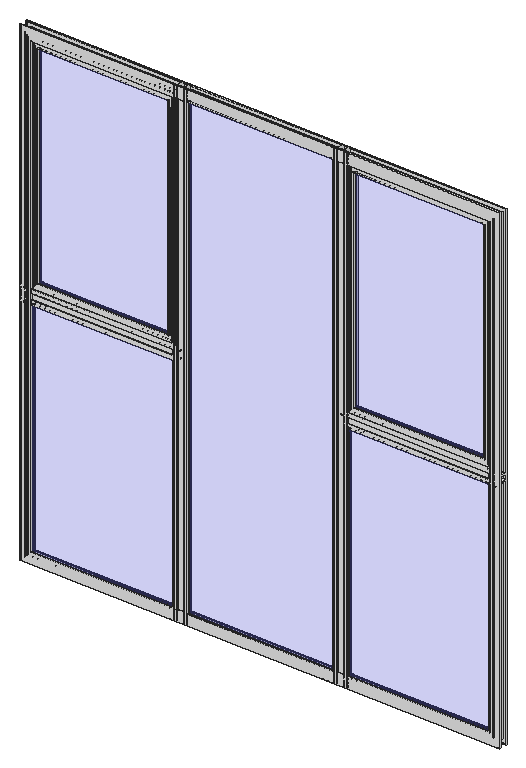
Revit family "WAL_A3-Classic-Side-Hung-1800x1800-PSS1818", category Windows, host Wall, Revit 2016
Family settings
  Host = Wall
  Always vertical = Yes
  Cut with Voids When Loaded = No
  Shared = No
  Room Calculation Point = No
Parameters (values of type "1800 x 1800 PSS1818 Classic Side Hung")
  URL = "www.agi.co.za"
  Trim Material = Metal - Aluminium
  Model = "Top Hung"
  Manufacturer Code = "PSS1818"
  Manufacturer = "AGI Aluminium"
  Height = 1800 mm
  Glass Material = Glass
  Frame Material = Metal - Aluminium
  Description = "Classic Side Hung"
  Default Sill Height = 800 mm
  Wall Closure = By host
  Width = 1800 mm
  Assembly Code = "B2020110"
Reference planes
  plane 1 "Center": y = 0
  plane 2 "Center (Left/Right)": x = 0
  plane 3 "Left": x = -900
  plane 4 "Right": x = 900
  plane 5 "Sill": z = 800
  plane 6 "Head": z = 2600
  plane 7 "Exterior": y = 75
  plane 8 "Interior": y = -75
  plane 9: z = 2602
  plane 10: x = 902
  plane 11: x = -902
  plane 12: z = 798
  plane 13: z = 2564
  plane 14: z = 813.9
  plane 15: x = 864
  plane 16: x = -864
  plane 17: z = 1700
  plane 18: z = 1722
  plane 19: z = 1684
  plane 20: x = 300
  plane 21: x = -300
  plane 22: x = 322
  plane 23: x = 284
  plane 24: x = -322
  plane 25: x = -284
  plane 26: x = -886.1
  plane 27: x = 886.1
  plane 28: z = 2586.1
Forms (mm)
  Sweep 1, solid, material "Metal - Aluminium", detail levels medium+fine
    path origin (0, 0, 0) x (1, 0, 0) y (0, 0, 1)
      loop
        line (900, 2600) -> (-900, 2600) -> (-900, 800) -> (900, 800) -> (900, 2600)
    profile "Frame : Frame" origin (0, 0, 2600) x (0, 0, -1) y (0, -1, 0)
      loop
        line (0, -30) -> (28, -30) -> (28, -29) -> (26, -29) -> (26, -1) -> (28, -1) -> (28, -7) -> (29, -7) -> (29, -1) -> (37, -1) -> (37, -3.645) -> (38, -3.645) -> (38, -1) -> (40, -1) -> (40, -3.645) -> (41, -3.645) -> (41, 0) -> (0, 0) -> (0, -2) -> (1, -2) -> (1, -1) -> (15.005, -1) -> (15.005, -4) -> (16.005, -4) -> (16.005, -1) -> (25, -1) -> (25, -29) -> (16.005, -29) -> (16.005, -26) -> (15.005, -26) -> (15.005, -29) -> (1, -29) -> (1, -28) -> (0, -28) -> (0, -30)
  Sweep 2, solid, material "Metal - Aluminium", detail levels medium+fine
    path origin (0, 0, 0) x (1, 0, 0) y (0, 0, 1)
      loop
        line (-300, 2600) -> (-300, 800)
    profile "30 x 50 Center Divide : 30 x 50 Center Divide" origin (-300, 0, 1700) x (1, 0, 0) y (0, -1, 0)
      loop
        line (-11, -5) -> (-11, -29) -> (11, -29) -> (11, -5) -> (-11, -5)
      loop
        line (-27.011, 0) -> (-27.011, -3.245) -> (-26.011, -3.245) -> (-26.011, -1) -> (-24.011, -1) -> (-24.011, -3.245) -> (-23.011, -3.245) -> (-23.011, -1) -> (-15.011, -1) -> (-15.011, -6.6) -> (-14.011, -6.6) -> (-14.011, -1) -> (-13.142, -1) -> (-12, -5.263) -> (-12, -29) -> (-14, -29) -> (-14, -30) -> (14, -30) -> (14, -29) -> (12, -29) -> (12, -5.263) -> (13.142, -1) -> (14, -1) -> (14, -7) -> (15, -7) -> (15, -1) -> (23, -1) -> (23, -3.645) -> (24, -3.645) -> (24, -1) -> (26, -1) -> (26, -3.645) -> (27, -3.645) -> (27, 0) -> (12.375, 0) -> (11.303, -4) -> (-11.303, -4) -> (-12.375, 0) -> (-27.011, 0)
  Sweep 3, solid, material "Metal - Aluminium", detail levels medium+fine
    path origin (0, 0, 0) x (-1, 0, 0) y (0, 0, 1)
      loop
        line (-300, 2600) -> (-300, 800)
    profile "30 x 50 Center Divide : 30 x 50 Center Divide" origin (300, 0, 1700) x (1, 0, 0) y (0, -1, 0)
      loop
        line (11, -5) -> (-11, -5) -> (-11, -29) -> (11, -29) -> (11, -5)
      loop
        line (27.011, 0) -> (12.375, 0) -> (11.303, -4) -> (-11.303, -4) -> (-12.375, 0) -> (-27, 0) -> (-27, -3.645) -> (-26, -3.645) -> (-26, -1) -> (-24, -1) -> (-24, -3.645) -> (-23, -3.645) -> (-23, -1) -> (-15, -1) -> (-15, -7) -> (-14, -7) -> (-14, -1) -> (-13.142, -1) -> (-12, -5.263) -> (-12, -29) -> (-14, -29) -> (-14, -30) -> (14, -30) -> (14, -29) -> (12, -29) -> (12, -5.263) -> (13.142, -1) -> (14.011, -1) -> (14.011, -6.6) -> (15.011, -6.6) -> (15.011, -1) -> (23.011, -1) -> (23.011, -3.245) -> (24.011, -3.245) -> (24.011, -1) -> (26.011, -1) -> (26.011, -3.245) -> (27.011, -3.245) -> (27.011, 0)
  Sweep 4, solid, material "Metal - Aluminium", detail levels medium+fine
    path origin (0, 0, 0) x (1, 0, 0) y (0, 0, 1)
      loop
        line (-300, 1700) -> (-900, 1700)
    profile "30 x 50 Center Divide : 30 x 50 Center Divide" origin (-600, 0, 1700) x (0, 0, -1) y (0, -1, 0)
      loop
        line (-11, -5) -> (-11, -29) -> (11, -29) -> (11, -5) -> (-11, -5)
      loop
        line (-27.011, 0) -> (-27.011, -3.245) -> (-26.011, -3.245) -> (-26.011, -1) -> (-24.011, -1) -> (-24.011, -3.245) -> (-23.011, -3.245) -> (-23.011, -1) -> (-15.011, -1) -> (-15.011, -6.6) -> (-14.011, -6.6) -> (-14.011, -1) -> (-13.142, -1) -> (-12, -5.263) -> (-12, -29) -> (-14, -29) -> (-14, -30) -> (14, -30) -> (14, -29) -> (12, -29) -> (12, -5.263) -> (13.142, -1) -> (14, -1) -> (14, -7) -> (15, -7) -> (15, -1) -> (23, -1) -> (23, -3.645) -> (24, -3.645) -> (24, -1) -> (26, -1) -> (26, -3.645) -> (27, -3.645) -> (27, 0) -> (12.375, 0) -> (11.303, -4) -> (-11.303, -4) -> (-12.375, 0) -> (-27.011, 0)
  Sweep 5, solid, material "Metal - Aluminium", detail levels medium+fine
    path origin (0, 0, 0) x (-1, 0, 0) y (0, 0, 1)
      loop
        line (-300, 1700) -> (-900, 1700)
    profile "30 x 50 Center Divide : 30 x 50 Center Divide" origin (600, 0, 1700) x (0, 0, 1) y (0, -1, 0)
      loop
        line (11, -5) -> (-11, -5) -> (-11, -29) -> (11, -29) -> (11, -5)
      loop
        line (27.011, 0) -> (12.375, 0) -> (11.303, -4) -> (-11.303, -4) -> (-12.375, 0) -> (-27, 0) -> (-27, -3.645) -> (-26, -3.645) -> (-26, -1) -> (-24, -1) -> (-24, -3.645) -> (-23, -3.645) -> (-23, -1) -> (-15, -1) -> (-15, -7) -> (-14, -7) -> (-14, -1) -> (-13.142, -1) -> (-12, -5.263) -> (-12, -29) -> (-14, -29) -> (-14, -30) -> (14, -30) -> (14, -29) -> (12, -29) -> (12, -5.263) -> (13.142, -1) -> (14.011, -1) -> (14.011, -6.6) -> (15.011, -6.6) -> (15.011, -1) -> (23.011, -1) -> (23.011, -3.245) -> (24.011, -3.245) -> (24.011, -1) -> (26.011, -1) -> (26.011, -3.245) -> (27.011, -3.245) -> (27.011, 0)
  Extrusion 6, void
    sketch origin (0, 0, 0) x (1, 0, 0) y (0, 1, 0)
      loop
        line (-312.375, 0) -> (-287.625, 0) -> (-288.697, 4) -> (-311.303, 4) -> (-312.375, 0)
      loop
        line (288.697, 4) -> (287.625, 0) -> (312.375, 0) -> (311.303, 4) -> (288.697, 4)
    from 841 to 2559
  Sweep 7, solid, material "Metal - Aluminium", detail levels medium+fine
    path origin (0, 0, 0) x (1, 0, 0) y (0, 0, 1)
      loop
        line (902, 2602) -> (284, 2602) -> (284, 1684) -> (902, 1684) -> (902, 2602)
    profile "Casement : Casement" origin (593, 0, 2602) x (0, 0, -1) y (0, -1, 0)
      loop
        line (40, -4.645) -> (40, -32.645) -> (49, -32.645) -> (49, -4.645) -> (40, -4.645)
      loop
        line (65, -3.645) -> (37, -3.645) -> (37, -4.645) -> (39, -4.645) -> (39, -32.645) -> (37, -32.645) -> (37, -26.645) -> (36, -26.645) -> (36, -32.645) -> (28, -32.645) -> (28, -30) -> (27, -30) -> (27, -32.645) -> (25, -32.645) -> (25, -30) -> (24, -30) -> (24, -33.645) -> (50, -33.645) -> (50, -4.645) -> (52, -4.645) -> (52, -10.645) -> (53, -10.645) -> (53, -4.645) -> (61, -4.645) -> (61, -7.289) -> (62, -7.289) -> (62, -4.645) -> (64, -4.645) -> (64, -7.289) -> (65, -7.289) -> (65, -3.645)
  Sweep 8, solid, material "Metal - Aluminium", detail levels medium+fine
    path origin (0, 0, 0) x (-1, 0, 0) y (0, 0, 1)
      loop
        line (902, 2602) -> (284, 2602) -> (284, 1684) -> (902, 1684) -> (902, 2602)
    profile "Casement : Casement" origin (-593, 0, 2602) x (0, 0, 1) y (0, -1, 0)
      loop
        line (-40, -4.645) -> (-49, -4.645) -> (-49, -32.645) -> (-40, -32.645) -> (-40, -4.645)
      loop
        line (-65, -3.645) -> (-65, -7.289) -> (-64, -7.289) -> (-64, -4.645) -> (-62, -4.645) -> (-62, -7.289) -> (-61, -7.289) -> (-61, -4.645) -> (-53, -4.645) -> (-53, -10.645) -> (-52, -10.645) -> (-52, -4.645) -> (-50, -4.645) -> (-50, -33.645) -> (-24, -33.645) -> (-24, -30) -> (-25, -30) -> (-25, -32.645) -> (-27, -32.645) -> (-27, -30) -> (-28, -30) -> (-28, -32.645) -> (-36, -32.645) -> (-36, -26.645) -> (-37, -26.645) -> (-37, -32.645) -> (-39, -32.645) -> (-39, -4.645) -> (-37, -4.645) -> (-37, -3.645) -> (-65, -3.645)
  Sweep 9, solid, material "Metal - Aluminium" <- "Trim Material", detail levels medium+fine
    path origin (0, 0, 0) x (1, 0, 0) y (0, 0, 1)
      loop
        line (-300, 1700) -> (-886.1, 1700) -> (-886.1, 813.9) -> (-300, 813.9) -> (-300, 1700)
    profile "Trim : Trim" origin (-593.05, 0, 1700) x (0, 0, -1) y (0, -1, 0)
      loop
        line (24.555, -1.643) -> (24.555, -4.05)
        arc (24.555, -4.05) -> (23.436, -4.753) -> (23, -6) r 2
        line (23, -6) -> (27, -6)
        arc (27, -6) -> (26.552, -4.739) -> (25.41, -4.042) r 2
        line (25.41, -4.042) -> (25.41, -1.643) -> (24.555, -1.643)
      loop
        line (14, -29) -> (29, -14) -> (29, -12.474) -> (26.323, -12.474)
        arc (26.323, -12.474) -> (26.823, -11.797) -> (27, -10.974) r 2
        line (27, -10.974) -> (23, -10.974)
        arc (23, -10.974) -> (23.177, -11.797) -> (23.677, -12.474) r 2
        line (23.677, -12.474) -> (13.467, -12.474) -> (13.467, -4) -> (12.5, -4) -> (12.5, -13.474) -> (20.535, -13.474) -> (24.323, -17.263) -> (12.586, -29) -> (14, -29)
  Sweep 10, solid, material "Metal - Aluminium", detail levels medium+fine
    path origin (0, 0, 0) x (1, 0, 0) y (0, 0, 1)
      loop
        line (886.1, 1700) -> (300, 1700) -> (300, 813.9) -> (886.1, 813.9) -> (886.1, 1700)
    profile "Trim : Trim" origin (593.05, 0, 1700) x (0, 0, -1) y (0, -1, 0)
      loop
        line (24.555, -1.643) -> (24.555, -4.05)
        arc (24.555, -4.05) -> (23.436, -4.753) -> (23, -6) r 2
        line (23, -6) -> (27, -6)
        arc (27, -6) -> (26.552, -4.739) -> (25.41, -4.042) r 2
        line (25.41, -4.042) -> (25.41, -1.643) -> (24.555, -1.643)
      loop
        line (14, -29) -> (29, -14) -> (29, -12.474) -> (26.323, -12.474)
        arc (26.323, -12.474) -> (26.823, -11.797) -> (27, -10.974) r 2
        line (27, -10.974) -> (23, -10.974)
        arc (23, -10.974) -> (23.177, -11.797) -> (23.677, -12.474) r 2
        line (23.677, -12.474) -> (13.467, -12.474) -> (13.467, -4) -> (12.5, -4) -> (12.5, -13.474) -> (20.535, -13.474) -> (24.323, -17.263) -> (12.586, -29) -> (14, -29)
  Sweep 11, solid, material "Metal - Aluminium", detail levels medium+fine
    path origin (0, 0, 0) x (1, 0, 0) y (0, 0, 1)
      loop
        line (300, 2586.1) -> (-300, 2586.1) -> (-300, 813.9) -> (300, 813.9) -> (300, 2586.1)
    profile "Trim : Trim" origin (0, 0, 2586.1) x (0, 0, -1) y (0, -1, 0)
      loop
        line (24.555, -1.643) -> (24.555, -4.05)
        arc (24.555, -4.05) -> (23.436, -4.753) -> (23, -6) r 2
        line (23, -6) -> (27, -6)
        arc (27, -6) -> (26.552, -4.739) -> (25.41, -4.042) r 2
        line (25.41, -4.042) -> (25.41, -1.643) -> (24.555, -1.643)
      loop
        line (14, -29) -> (29, -14) -> (29, -12.474) -> (26.323, -12.474)
        arc (26.323, -12.474) -> (26.823, -11.797) -> (27, -10.974) r 2
        line (27, -10.974) -> (23, -10.974)
        arc (23, -10.974) -> (23.177, -11.797) -> (23.677, -12.474) r 2
        line (23.677, -12.474) -> (13.467, -12.474) -> (13.467, -4) -> (12.5, -4) -> (12.5, -13.474) -> (20.535, -13.474) -> (24.323, -17.263) -> (12.586, -29) -> (14, -29)
  Sweep 12, solid, material "Metal - Aluminium", detail levels medium+fine
    path origin (0, 0, 0) x (1, 0, 0) y (0, 0, 1)
      loop
        line (-322, 2564) -> (-864, 2564) -> (-864, 1722) -> (-322, 1722) -> (-322, 2564)
    profile "Trim : Trim" origin (-593, 0, 2564) x (0, 0, -1) y (0, -1, 0)
      loop
        line (24.555, -4.643) -> (24.555, -7.05)
        arc (24.555, -7.05) -> (23.436, -7.753) -> (23, -9) r 2
        line (23, -9) -> (27, -9)
        arc (27, -9) -> (26.552, -7.739) -> (25.41, -7.042) r 2
        line (25.41, -7.042) -> (25.41, -4.643) -> (24.555, -4.643)
      loop
        line (14, -32) -> (29, -17) -> (29, -15.474) -> (26.323, -15.474)
        arc (26.323, -15.474) -> (26.823, -14.797) -> (27, -13.974) r 2
        line (27, -13.974) -> (23, -13.974)
        arc (23, -13.974) -> (23.177, -14.797) -> (23.677, -15.474) r 2
        line (23.677, -15.474) -> (13.467, -15.474) -> (13.467, -7) -> (12.5, -7) -> (12.5, -16.474) -> (20.535, -16.474) -> (24.323, -20.263) -> (12.586, -32) -> (14, -32)
  Sweep 13, solid, material "Metal - Aluminium", detail levels medium+fine
    path origin (0, 0, 0) x (1, 0, 0) y (0, 0, 1)
      loop
        line (864, 2564) -> (322, 2564) -> (322, 1722) -> (864, 1722) -> (864, 2564)
    profile "Trim : Trim" origin (593, 0, 2564) x (0, 0, -1) y (0, -1, 0)
      loop
        line (24.555, -4.643) -> (24.555, -7.05)
        arc (24.555, -7.05) -> (23.436, -7.753) -> (23, -9) r 2
        line (23, -9) -> (27, -9)
        arc (27, -9) -> (26.552, -7.739) -> (25.41, -7.042) r 2
        line (25.41, -7.042) -> (25.41, -4.643) -> (24.555, -4.643)
      loop
        line (14, -32) -> (29, -17) -> (29, -15.474) -> (26.323, -15.474)
        arc (26.323, -15.474) -> (26.823, -14.797) -> (27, -13.974) r 2
        line (27, -13.974) -> (23, -13.974)
        arc (23, -13.974) -> (23.177, -14.797) -> (23.677, -15.474) r 2
        line (23.677, -15.474) -> (13.467, -15.474) -> (13.467, -7) -> (12.5, -7) -> (12.5, -16.474) -> (20.535, -16.474) -> (24.323, -20.263) -> (12.586, -32) -> (14, -32)
  Extrusion 14, solid, material "Glass", detail levels medium+fine
    sketch origin (0, 0, 0) x (1, 0, 0) y (0, 1, 0)
      loop
        line (322.997, 10.974) -> (322.997, 6) -> (863.1, 6) -> (863.1, 10.974) -> (322.997, 10.974)
      loop
        line (-863.118, 10.974) -> (-863.118, 6) -> (-323, 6) -> (-323, 10.974) -> (-863.118, 10.974)
    from 836.9 to 1677
  Extrusion 15, solid, material "Glass", detail levels medium+fine
    sketch origin (0, 0, 0) x (1, 0, 0) y (0, 1, 0)
      loop
        line (-277.003, 10.974) -> (-277.003, 6) -> (277, 6) -> (277, 10.974) -> (-277.003, 10.974)
    from 836.9 to 2563.1
  Extrusion 16, solid, material "Glass", detail levels medium+fine
    sketch origin (0, 0, 0) x (1, 0, 0) y (0, 1, 0)
      loop
        line (344.982, 13.974) -> (344.982, 9) -> (841, 9) -> (841, 13.974) -> (344.982, 13.974)
      loop
        line (-841.018, 13.974) -> (-841.018, 9) -> (-345, 9) -> (-345, 13.974) -> (-841.018, 13.974)
    from 1745 to 2541
Cuts and joins
  Extrusion 6 cuts Sweep 4
  Extrusion 6 cuts Sweep 5
  joined: Sweep 1, Sweep 2, Sweep 3, Sweep 4, Sweep 5
Lines and regions (mm)
  Opening 1
    outline origin (3500, -75, 0) x (1, 0, 0) y (0, 0, 1)
      loop
        line (-2600, 800) -> (-2600, 2600) -> (-4400, 2600) -> (-4400, 800) -> (-2600, 800)
  symbolic lines, style "Elevation Swing"
    curve 1: line (878, 0, 2578) -> (308, 0, 2143)
    curve 2: line (308, 0, 2143) -> (878, 0, 1708)
    curve 3: line (-878, 0, 2578) -> (-308, 0, 2143)
    curve 4: line (-308, 0, 2143) -> (-878, 0, 1708)
Text (mm)
  text "EXTERIOR" at (-1963.203, 1332.353, 0), in view "Ref. Level"
  text "INTERIOR" at (-1981.466, -818.386, 0), in view "Ref. Level"
  text "Exterior" at (0, 923.751, 2943.296), in view "Right"
  text "Exterior" at (0, 1040.484, 2685.409), in view "Left"
Dimensions and locks
  equal spacing: plane 3 "Left", plane 2 "Center (Left/Right)", plane 4 "Right"
  "Width": plane 3 "Left" to plane 4 "Right"
  "Height": plane 5 "Sill" to plane 6 "Head"
  "Default Sill Height": plane 5 "Sill" to level
  locked: plane 7 "Exterior" to host wall at 0
  locked: plane 8 "Interior" to host wall
  locked: plane 12 to plane 5 "Sill" at 2
  locked: plane 6 "Head" to plane 9 at 2
  locked: plane 4 "Right" to plane 10 at 2
  locked: plane 11 to plane 3 "Left" at 2
  locked: plane 15 to plane 4 "Right" at 36
  locked: plane 3 "Left" to plane 16 at 36
  locked: plane 5 "Sill" to plane 14 at 13.9
  locked: plane 13 to plane 6 "Head" at 36
  equal spacing: plane 5 "Sill", plane 17, plane 6 "Head"
  locked: plane 19 to plane 17 at 16
  locked: plane 17 to plane 18 at 22
  locked: plane 3 "Left" to plane 21 at 600
  locked: plane 20 to plane 4 "Right" at 600
  locked: plane 20 to plane 22 at 22
  locked: plane 23 to plane 20 at 16
  locked: plane 21 to plane 24 at 22
  locked: plane 25 to plane 21 at 16
  locked: plane 3 "Left" to plane 26 at 13.9
  locked: plane 4 "Right" to plane 27 at 13.9
  locked: plane 28 to plane 6 "Head" at 13.9
  aligned and locked: host wall to Sweep 1 sketch curve
  aligned and locked: Sweep 1 sketch curve to host wall  (x3)
  aligned and locked: plane 6 "Head" to Sweep 2 sketch curve
  aligned and locked: plane 5 "Sill" to Sweep 2 sketch curve
  aligned and locked: Sweep 2 sketch curve to plane 21
  aligned and locked: plane 6 "Head" to Sweep 3 sketch curve
  aligned and locked: plane 5 "Sill" to Sweep 3 sketch curve
  aligned and locked: Sweep 3 sketch curve to plane 20
  aligned and locked: plane 3 "Left" to Sweep 4 sketch curve
  aligned and locked: Sweep 4 sketch curve to plane 17
  aligned and locked: plane 21 to Sweep 4 sketch curve
  aligned and locked: plane 20 to Sweep 5 sketch curve
  aligned and locked: plane 4 "Right" to Sweep 5 sketch curve
  aligned and locked: plane 17 to Sweep 5 sketch curve
  aligned and locked: Extrusion 6 sketch curve to cut or joined group of Sweep 1, Sweep 2, Sweep 3, Sweep 4, Sweep 5, Extrusion 6  (x7)
  aligned and locked: Extrusion 6 to cut or joined group of Sweep 1, Sweep 2, Sweep 3, Sweep 4, Sweep 5, Extrusion 6  (x2)
  aligned and locked: plane 19 to Sweep 7 sketch curve
  aligned and locked: plane 23 to Sweep 7 sketch curve
  aligned and locked: plane 10 to Sweep 7 sketch curve
  aligned and locked: Sweep 7 sketch curve to plane 9
  aligned and locked: plane 9 to Sweep 8 sketch curve
  aligned and locked: Sweep 8 sketch curve to plane 19
  aligned and locked: Sweep 8 sketch curve to plane 25
  aligned and locked: plane 11 to Sweep 8 sketch curve
  aligned and locked: plane 14 to Sweep 9 sketch curve
  aligned and locked: plane 21 to Sweep 9 sketch curve
  aligned and locked: Sweep 9 sketch curve to plane 17
  aligned and locked: Sweep 9 sketch curve to plane 26
  aligned and locked: plane 14 to Sweep 10 sketch curve
  aligned and locked: plane 27 to Sweep 10 sketch curve
  aligned and locked: Sweep 10 sketch curve to plane 17
  aligned and locked: Sweep 10 sketch curve to plane 20
  aligned and locked: plane 14 to Sweep 11 sketch curve
  aligned and locked: Sweep 11 sketch curve to plane 21
  aligned and locked: plane 20 to Sweep 11 sketch curve
  aligned and locked: Sweep 11 sketch curve to plane 28
  aligned and locked: Sweep 12 sketch curve to plane 13
  aligned and locked: Sweep 12 sketch curve to plane 24
  aligned and locked: Sweep 12 sketch curve to plane 16
  aligned and locked: plane 18 to Sweep 12 sketch curve
  aligned and locked: Sweep 13 sketch curve to plane 13
  aligned and locked: plane 18 to Sweep 13 sketch curve
  aligned and locked: Sweep 13 sketch curve to plane 22
  aligned and locked: plane 15 to Sweep 13 sketch curve
  aligned and locked: Sweep 9 to Extrusion 14 sketch curve
  aligned and locked: Extrusion 14 sketch curve to Sweep 9  (x3)
  aligned and locked: Extrusion 14 sketch curve to Sweep 10  (x3)
  aligned and locked: Sweep 10 to Extrusion 14 sketch curve
  aligned and locked: Extrusion 14 to Sweep 10  (x2)
  aligned and locked: Extrusion 15 sketch curve to Sweep 11  (x4)
  aligned and locked: Extrusion 15 to Extrusion 14
  aligned and locked: Extrusion 15 to Sweep 11
  aligned and locked: Sweep 13 to Extrusion 16 sketch curve  (x2)
  aligned and locked: Extrusion 16 sketch curve to Sweep 13  (x2)
  aligned and locked: Sweep 12 to Extrusion 16 sketch curve  (x2)
  aligned and locked: Extrusion 16 sketch curve to Sweep 12  (x2)
  aligned and locked: Extrusion 16 to Sweep 13  (x2)
Automatic sketch dimensions
  Opening 1 sketch curve to plane 3 "Left" = 0 mm
  Opening 1 sketch curve to plane 4 "Right" = 0 mm
  Opening 1 sketch curve to plane 5 "Sill" = 0 mm
  Opening 1 sketch curve to plane 6 "Head" = 0 mm
  plane 26 to curve 3 = 8.1 mm
  plane 26 to curve 4 = 8.1 mm
  plane 21 to curve 4 = 8 mm
  curve 2 to plane 20 = 8 mm
  plane 27 to curve 2 = 8.1 mm
  plane 27 to curve 1 = 8.1 mm
  plane 17 to curve 2 = 8 mm
  plane 17 to curve 4 = 8 mm
  curve 2 to plane 13 = 421 mm
  curve 4 to plane 13 = 421 mm
  curve 3 to plane 28 = 8.1 mm
  curve 1 to plane 28 = 8.1 mm
  Extrusion 6 sketch curve to host wall = 0 mm
